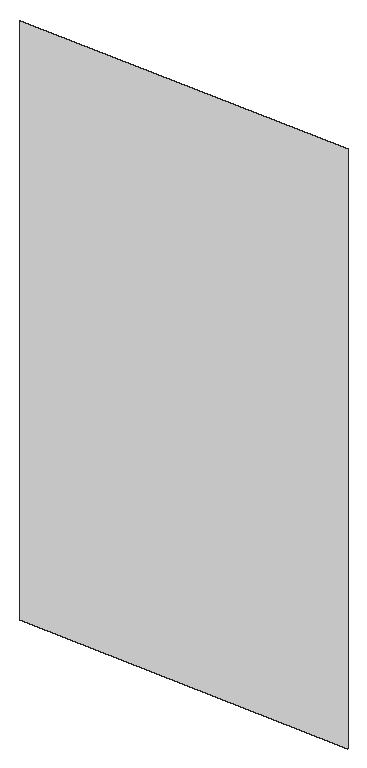
Revit family "M_Tomada-Duplex-GFI", category Iluminação elétrica, Revit 2019
Family settings
  Hospedeiro = Parede
  Manter orientação da anotação = Não
  Cota do conector redondo = Utilizar diâmetro
  Tipo de parte = Normal
  Número OmniClass = 23.80.50.11.11
  Título OmniClass = Receptacle Terminal Units
  ID de item do Seek = Outlet-Duplex-GFI-0000-CAN-ENU
  Sempre na vertical = Sim
  Corte com vazios quando carregada = Não
  Compartilhado = Não
  Ponto de cálculo do ambiente = Não
Parameters (values of type "Único")
  Largura = 70 mm
  Altura de montagem = 305 mm
  Legenda = "GFI"
  Altura = 115 mm
  Material = Plástico, Branco Opaco
Reference planes
  plane 1: y = 0
  plane 2 "Centro (Esquerda/Direita)": x = 125
  plane 3 "Parte posterior": y = 75
  plane 4: z = 305
  plane 5: x = 90
  plane 6: x = 160
  plane 7: z = 362.5
  plane 8: z = 247.5
  plane 9: y = 80
Forms (mm)
  Blend 1, solid, material "Plástico, Branco Opaco" <- "Material"
    base sketch origin (0, 75, 0) x (1, 0, 0) y (0, 0, 1)
      loop
        line (160, 362.5) -> (90, 362.5) -> (90, 247.5) -> (160, 247.5) -> (160, 362.5)
    top sketch origin (0, 75, 0) x (1, 0, 0) y (0, 0, 1)
      loop
        line (155, 357.5) -> (95, 357.5) -> (95, 252.5) -> (155, 252.5) -> (155, 357.5)
    from 0 to -5
Text (mm)
  text "Lado da colocação" at (0, 1270.507, 3001.832), in view "Esquerda"
  text "Lado da colocação" at (0, 530.812, 2999.686), in view "Direita"
Dimensions and locks
  locked: plane 3 "Parte posterior" to host wall
  "Altura": plane 8 to plane 7
  "Largura": plane 5 to plane 6
  equal spacing: plane 8, plane 4, plane 7
  equal spacing: plane 5, plane 2 "Centro (Esquerda/Direita)", plane 6
  "Altura de montagem": level to plane 4
  locked: plane 3 "Parte posterior" to plane 9 at 5
  aligned and locked: plane 1 to host wall
  aligned and locked: plane 6 to Blend 1 sketch curve
  aligned and locked: Blend 1 sketch curve to plane 7
  aligned and locked: plane 8 to Blend 1 sketch curve
  aligned and locked: plane 5 to Blend 1 sketch curve
  aligned and locked: plane 3 "Parte posterior" to nested 1
  aligned and locked: Blend 1 to plane 9
  aligned and locked: plane 3 "Parte posterior" to Blend 1
Automatic sketch dimensions
  Blend 1 sketch curve to plane 5 = 5 mm
  plane 6 to Blend 1 sketch curve = 5 mm
  Blend 1 sketch curve to plane 8 = 5 mm
  plane 7 to Blend 1 sketch curve = 5 mm
Nested families
  nested 1: "Legenda da anotação da tomada" at (125, 75, 0), type "Legenda da anotação da tomada"
Definition of nested family "Legenda da anotação da tomada"
  Parameters
    Legenda = "GFI"
  Reference planes
    plane 1: y = 0
    plane 2: x = 0
  Lines and regions (mm)
    detail lines
      curve 1: arc (-1.218, 2.706, 0) -> (1.219, 4.039, 0) -> (-1.218, 2.706, 0) r 1.389
      curve 2: line (-0.461, 0.398, 0) -> (-0.461, 4.684, 0)
      curve 3: line (0.461, 0.398, 0) -> (0.461, 4.684, 0)
  Text (mm)
    label "Legenda" at (2.068, 2.246, 0), shows "Legenda"
